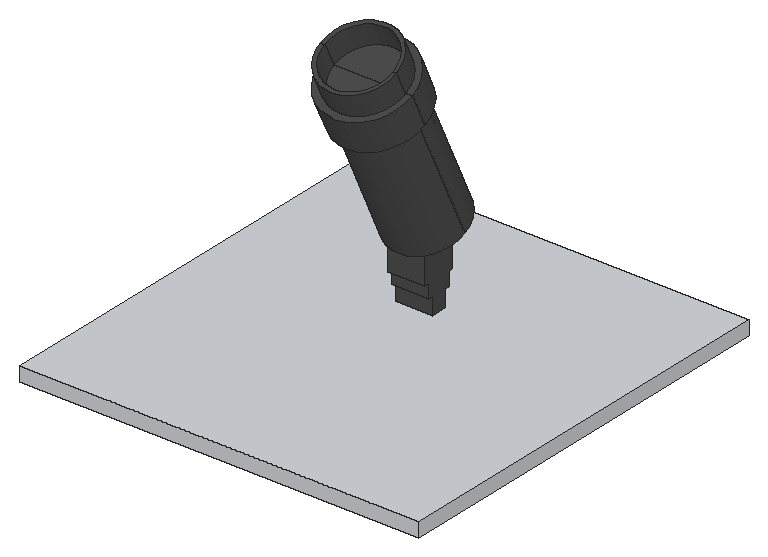
Revit family "Lighting-Accent-Amerlux-ACCS", category Lighting Fixtures, host Face, Revit 2017
Family settings
  Host = Face
  Round Connector Dimension = Use Diameter
  Part Type = Normal
  Cut with Voids When Loaded = No
  Light Source = Yes
  Shared = No
  Room Calculation Point = No
Parameters
  Voltage = 0 V
  Rotation Angle [instance] = 65.00°
  Power Factor = 1
  Photometric Web File = ""
  Number of Poles = 1
  Material = Black Finish
  Light Source Angle [instance] = Rotation Angle  # 65.00°
  Lamp = "LED"
  Input Wattage = ""
  Wattage = 26 W
  built-in parameter 1150110 = 1 (stored number, unit not read)
  URL = "http://www.amerlux.com"
  built-in parameter 1114217 = 1 (stored number, unit not read)
  Tilt Angle = 90.00°
  built-in parameter 1150109 = 1 (stored number, unit not read)
  built-in parameter 1150134 = 12
  built-in parameter 1150113 = 1 (stored number, unit not read)
  Model = "ACCS"
  Manufacturer = "Amerlux"
  built-in parameter 1150105 = 206.9 (stored number, unit not read)
  Lumens = 2600 lm
  built-in parameter 1150115 = 1 (stored number, unit not read)
  built-in parameter 1150137 = (empty or 0)
  built-in parameter 1150139 = (empty or 0)
  built-in parameter 1150112 = 1 (stored number, unit not read)
  built-in parameter 1150114 = 1 (stored number, unit not read)
  Keynote = ""
  built-in parameter 1150132 = (empty or 0)
  built-in parameter 1150102 = (empty or 0)
  built-in parameter 1150107 = 4000 (stored number, unit not read)
  built-in parameter 1150138 = (empty or 0)
  built-in parameter 1150106 = 2.069 (stored number, unit not read)
  Finish = ""
  Emit from Circle Diameter = 2"
  Emit Shape Visible in Rendering = yes
  built-in parameter 1150104 = 9.2903 (stored number, unit not read)
  Dimming Lamp Color Temperature Shift = (empty or 0)
  Description = "Accent Lighting"
  Default Elevation = 48"
  Color Filter = 16777215
  built-in parameter 1114218 = 1 (stored number, unit not read)
  built-in parameter 1150133 = 10 (stored number, unit not read)
  Assembly Code = ""
  Apparent Load = 0 VA
Reference planes (in)
  plane 1 "Center (Front/Back)": y = 1.97868
  plane 2: z = -2.07521
  plane 3 "Center (Left/Right)": x = 1.10964
  plane 4: z = 4.16021
  plane 5: x = -2.39036
  plane 6: x = 4.60964
Forms (in)
  Extrusion 1, solid
    sketch origin (0, -1.75, 0) x (1, 0, 0) y (0, 1, 0)
      loop
        line (-4.834, 9.47868) -> (-4.834, -2.91739) -> (7.17098, -2.91739) -> (7.17098, 9.47868) -> (-4.834, 9.47868)
    from -2.07521 to -2.50349
  Extrusion 2, solid, material "Black Finish" <- "Material"
    sketch origin (1.10964, 0, 0) x (0, -1, 0) y (0, 0, 1)
      loop
        line (-4.01469, -1.15562) -> (-3.86768, -1.15562) -> (-3.86768, -1.56779) -> (-3.7312, -1.56779) -> (-3.7312, -2.07521) -> (-3.26276, -2.07521) -> (-3.26276, -1.56779) -> (-3.1321, -1.56779) -> (-3.1321, -1.15562) -> (-2.98093, -1.15562) -> (-2.98093, 1.06182) -> (-4.01469, 1.06182) -> (-4.01469, -1.15562)
    from -0.11895 to 0.98781
Dimensions and locks (in)
  equal spacing: plane 6, plane 3 "Center (Left/Right)", plane 5
  plane 6 to plane 5 = 7"
  "Rotation Angle": angle plane 4 to imposter light
  "Rotation Angle": angle plane 4 to nested 1
  aligned and locked: plane 2 to Extrusion 1
  aligned: plane 1 "Center (Front/Back)" to imposter light
Automatic sketch dimensions
  Extrusion 1 sketch curve to Extrusion 1 sketch curve = 12.00498"
  Extrusion 1 sketch curve to Extrusion 1 sketch curve = 12.39607"
  Extrusion 2 sketch curve to plane 2 = 0"
  plane 2 to Extrusion 2 sketch curve = 0.91959"
  plane 1 "Center (Front/Back)" to Extrusion 2 sketch curve = 2.036"
  Extrusion 2 sketch curve to Extrusion 2 sketch curve = 0.147"
  Extrusion 2 sketch curve to Extrusion 2 sketch curve = 0.13648"
  Extrusion 2 sketch curve to Extrusion 2 sketch curve = 0.46844"
  Extrusion 2 sketch curve to Extrusion 2 sketch curve = 0.13066"
  Extrusion 2 sketch curve to Extrusion 2 sketch curve = 0.15117"
  plane 2 to Extrusion 2 sketch curve = 0.50742"
  Extrusion 2 sketch curve to Extrusion 2 sketch curve = 0.41217"  (x2)
  level to Extrusion 2 sketch curve = 1.06182"
Nested families (in)
  nested 1: "Track Head" at (-0.09727, 2.4841, 2.84812) x (0, -0.9063, -0.4226) z (-1, 0, 0), type "Track Head"
Connectors (in)
  electrical at (0.67521, 3.49698, -2.07521), driven by "Number of Poles", driven by "Voltage", driven by "Apparent Load", driven by "Power Factor"
    settings: on Extrusion 2, index 1, voltage 0 V, apparent load 0 VA, apparent load phase1 0 VA, apparent load phase2 0 VA, apparent load phase3 0 VA, power factor 1, load classification "Other", number of poles 1, system type 31, power factor state 1, is connector primary yes, connector utility no, sub classification motor no, connector description ""
Definition of nested family "Track Head"
  Parameters (values of type "Track Head")
    Width = 6"
    Material = none
    Default Elevation = 48"
    Assembly Code = ""
  Reference planes (in)
    plane 1 "Center (Front/Back)": y = 0
    plane 2: z = 0
    plane 3 "Center (Left/Right)": x = 0
    plane 4: z = -1.12068
    plane 5: z = -1.12068
    plane 6: y = 3
    plane 7: y = -3
    plane 8: z = 0.4034
    plane 9: z = -1.8466
  Forms (in)
    Extrusion 1, solid
      sketch origin (0, 0, 0) x (1, 0, 0) y (0, 1, 0)
        loop
          line (-48, 48) -> (-48, -48) -> (48, -48) -> (48, 48) -> (-48, 48)
      from 0 to -0.80444
    Revolve 2, solid, material <- "Material"
      sketch origin (0, 0, -3.75) x (0, 1, 0) y (0, 0, 1)
        loop
          line (-3, 4.14766) -> (-3, 2.99715) -> (3, 2.99715) -> (3, 4.14766) -> (-3, 4.14766)
        axis (-3, 2.99715) -> (3, 2.99715)
      angle from 0 to 360
    Revolve 3, void
      sketch origin (0, 0, -3.75) x (0, 1, 0) y (0, 0, 1)
        loop
          line (3, 2.98333) -> (3, 4.01623) -> (0, 4.01623) -> (0, 2.98333) -> (3, 2.98333)
        axis (0, 2.98333) -> (3, 2.98333)
      angle from 0 to 360
    Revolve 4, solid, material <- "Material"
      sketch origin (0, -0.40625, 0) x (0, 1, 0) y (0, 0, 1)
        loop
          line (1.55518, 0.60616) -> (1.55518, -0.75322) -> (2.65481, -0.75322) -> (2.65481, 0.60616) -> (1.55518, 0.60616)
        axis (1.55518, -0.75322) -> (2.65481, -0.75322)
      angle from 0 to 360
  Cuts and joins
    Revolve 3 cuts Revolve 2
  Dimensions and locks (in)
    equal spacing: plane 6, plane 1 "Center (Front/Back)", plane 7
    "Width": plane 6 to plane 7
    plane 8 to plane 9 = 2 1/4"
    diameter of Revolve 4 = 2 23/32"
    aligned and locked: plane 2 to Extrusion 1
    aligned and locked: level to Extrusion 1
    aligned and locked: plane 1 "Center (Front/Back)" to cut or joined group of Revolve 2, Revolve 3
    aligned and locked: Revolve 2 sketch curve to Revolve 2 sketch curve
  Automatic sketch dimensions
    Extrusion 1 sketch curve to Extrusion 1 sketch curve = 96"  (x2)
    plane 8 to Revolve 4 sketch curve = 0.20276"
    plane 6 to Revolve 4 sketch curve = 1.85107"
    plane 6 to Revolve 4 sketch curve = 0.75144"
    Revolve 4 sketch curve to level = 0.75322"  (x2)
    Revolve 4 sketch curve to Revolve 4 sketch curve = 0"
    Revolve 4 sketch curve to plane 6 = 1.89893"
    Revolve 2 sketch curve to plane 7 = 0"
    Revolve 2 sketch curve to plane 6 = 0"
    plane 4 to Revolve 2 sketch curve = 0.36783"
    Revolve 2 sketch curve to plane 8 = 0.00574"
    plane 7 to Revolve 2 sketch curve = 5.73878"
    Revolve 2 sketch curve to plane 6 = 7.02134"
    Revolve 3 sketch curve to plane 1 "Center (Front/Back)" = 0"
    Revolve 3 sketch curve to plane 6 = 0"
    plane 5 to Revolve 3 sketch curve = 0.35401"  (x2)
    Revolve 3 sketch curve to plane 8 = 0.13717"
    plane 7 to Revolve 3 sketch curve = 0.4751"
    Revolve 3 sketch curve to plane 6 = 1.36838"
